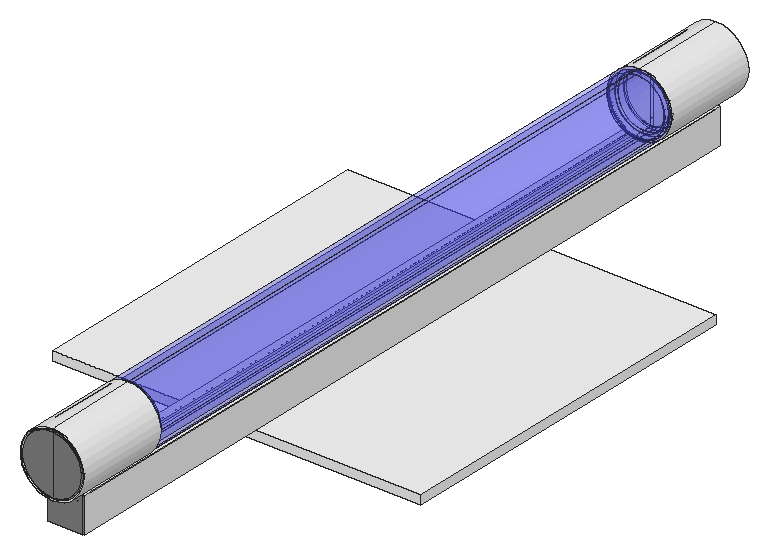
Revit family "BE_23259.1_de_DE", category Leuchten, Revit 2020
Family settings
  Basisbauteil = Fläche
  Bemaßung runder Anschluss = Durchmesser verwenden
  Teiletyp = Normal
  Beim Laden mit Abzugskörper schneiden = Ja
  Lichtquelle = Ja
  Gemeinsam genutzt = Nein
  Raumberechnungspunkt = Ja
Parameters (values of type "BEGA_23259.1_K3")
  built-in parameter 1150104 = 11.613 (stored number, unit not read)
  Wattage = 24 W
  Default Elevation = 0 mm
  built-in parameter 1150113 = 1 (stored number, unit not read)
  built-in parameter 1114218 = 1 (stored number, unit not read)
  Umgebungstemperatur = "25 °C"
  URL = "http://www.bega.de/de/produkt/23259.1"
  Typenkommentare = "© 2022 BEGA. Wir behalten uns das Recht vor, technische Änderungen ohne vorherige Ankündigung vorzunehmen."  # constant formula
  built-in parameter 1150134 = 12
  built-in parameter 1150109 = 1 (stored number, unit not read)
  Strom = ""
  built-in parameter 1150110 = 1 (stored number, unit not read)
  Spannung = 239.996 V
  Sonderanfertigung = no
  Seriennummer [instance] = "Hier können Sie die eindeutige Seriennummer für das Facility Management eintragen."
  Schutzklasse = "I"
  Schutzart = "IP 44"
  Scheinlast = 0 VA
  Produktdatenblatt = "http://www.bega.de/download/Xrfa/db/23259.1.db.de.pdf"
  Oberflächentemperatur = ""
  Neigungswinkel = 0.00°
  Model = "23259.1K4"
  Material_17 = BEGA_Reflektor
  Material_15 = BEGA_Leuchtmedium_matt
  Material_11 = BEGA_Glas_opal
  Material_09 = BEGA_Glas_klar
  Material_06 = BEGA_Oberfläche_Edelstahl_gebürstet
  Material_05 = BEGA_Oberfläche_Aluminium Guss
  Material_04 = BEGA_Kunststoff_Grafit_matt
  Material_03 = BEGA_Oberfläche_Weiss_matt
  Material_02 = BEGA_Oberfläche_Silber_matt
  Material_01 [instance] = BEGA_Oberfläche_Grafit_matt
  M_W = no
  M_G = no
  M_A = no
  Logo = 0
  built-in parameter 1114217 = 1 (stored number, unit not read)
  built-in parameter 1150139 = (empty or 0)
  built-in parameter 1150105 = 238.73 (stored number, unit not read)
  built-in parameter 1150114 = 1 (stored number, unit not read)
  Lumens = 3000 lm
  built-in parameter 1150115 = 1 (stored number, unit not read)
  Leuchtenlichtstrom = "2232 lm"
  Leuchtenanzahl = ""
  Lebensdauerkriterien = "L70B50 @ 25 °C = 308000 h"
  Lastklassifizierung = Beleuchtung
  built-in parameter 1150112 = 1 (stored number, unit not read)
  Lampenlichtstrom = "3210 lm"
  Lamp = "LED 19.5 W"
  LED_Modulbezeichnung = "3x LED-0425/940"
  Hersteller = "BEGA"  # constant formula
  Halbstreuwinkel = ""
  Gewicht = "2.7 kg"
  Gebrauchslageneinschränkung [instance] = ""
  Frequenz = "0/50-60 Hz"
  Farbwiedergabeindex = "CRI > 90"
  Farbtemperaturverschiebung bei Dämpfen der Lampe = <Keine Auswahl>
  Farbtemperatur = "4000 K"
  Color Filter = 16777215
  built-in parameter 1150133 = 10 (stored number, unit not read)
  Energieeffizienzklasse = "LED A++ - A"
  built-in parameter 1150137 = (empty or 0)
  built-in parameter 1150132 = (empty or 0)
  ENEC = ""
  Dimmbar [instance] = ""
  Photometric Web File = "BE_23259.1K4.IES"
  CE_Konformität = "ja"
  Bestellnummer = "23259.1K4"
  Beschreibung_Sonderanfertigung = "Hier können Sie Informationen zur Sonderanfertigung eintragen."
  Beschreibung = "Wandleuchte"
  built-in parameter 1150106 = 2.3873 (stored number, unit not read)
  Befestigungsbohrung = "Ø 6 mm"
  Befestigungsabstand = "450 mm"
  Ballwurfsicher = ""
  BEGA_Intern_aus = yes
  BEGA_Intern_an = yes
  BEGA_Intern_Konstruktion = yes
  BEGA_Intern = yes
  BEGA_IES = yes
  BEGA_Dummy = no
  Anschlussleitung = ""
  Anschlussleistung [instance] = "22.7 W"
  Anschlusskasten = ""
  built-in parameter 1150107 = 4000 (stored number, unit not read)
  built-in parameter 1150102 = (empty or 0)
  built-in parameter 1150138 = (empty or 0)
  Aktualisierung = "2019-07-05T04:00:16"
  Abstand_zur_angestrahlten_Fläche [instance] = ""
  AC/DC = "AC/DC"
Reference planes
  plane 1 "Mitte (Vorne/Hinten)": y = 0
  plane 2: z = 0
  plane 3 "Mitte (Links/Rechts)": x = 0
  plane 4 "Links": x = -35
  plane 5 "Rechts": x = 35
  plane 6 "Unten": y = -450.75
  plane 7 "Oben": y = 450.75
  plane 8 "Vorne": z = 104.517
  plane 9 "Hinten": z = 0
Forms (mm)
  Extrusion 1, solid, material "BEGA_Platte_Weiss"
    sketch origin (0, -1119.2, 0) x (1, 0, 0) y (0, 1, 0)
      loop
        line (-200, 1319.2) -> (-200, 919.2) -> (200, 919.2) -> (200, 1319.2) -> (-200, 1319.2)
    from 0 to -10
  Extrusion 2, solid, material "BEGA_Dummy_matt", visible <- "BEGA_Dummy"
    sketch origin (80.095, -76.023, 0) x (1, 0, 0) y (0, 1, 0)
      loop
        line (-115.095, 526.773) -> (-115.095, -374.727) -> (-45.095, -374.727) -> (-45.095, 526.773) -> (-115.095, 526.773)
    from 0 to 104.517
Dimensions and locks
  plane 1 "Mitte (Vorne/Hinten)" to Extrusion 1 = 200 mm
  aligned and locked: plane 2 to Extrusion 1
  aligned and locked: level to Extrusion 1
Nested families
  nested 1: "BE_23259.1" at (0, 0, 0) x (0, 1, 0) z (0, 0, 1), type "BE_23259.1"
Connectors
  electrical at (0, 0, 0), driven by "Lastklassifizierung", driven by "Spannung", driven by "Scheinlast"
    settings: index 1, voltage 239.996 V, apparent load 0 VA, apparent load phase1 0 VA, apparent load phase2 0 VA, apparent load phase3 0 VA, power factor 1, load classification "Beleuchtung", number of poles 1, system type 31, power factor state 1, is connector primary yes, connector utility no, sub classification motor no, connector description ""
Definition of nested family "BE_23259.1"
  Parameters (values of type "BE_23259.1")
    Default Elevation = 1 mm
    URL = "http://www.bega.de/de/produkt"
    Type Comments = "© 2015 BEGA. Wir behalten uns das Recht vor, technische Änderungen ohne vorherige Ankündigung vorzunehmen. "  # constant formula
    Type Image = (empty or 0)
    Neigungswinkel_um_Z2 = 0.00°
    Neigungswinkel_um_Z1 = 0.00°
    Neigungswinkel_um_Y2 = 0.00°
    Neigungswinkel_um_Y1 = 0.00°
    Neigungswinkel_um_X2 = 0.00°
    Neigungswinkel_um_X1 = 0.00°
    Material_17 = none
    Material_15 = none
    Material_11 = none
    Material_09 = none
    Material_06 = none
    Material_05 = none
    Material_04 = none
    Material_03 = none
    Material_02 = none
    Material_01 = none
    M_W = yes
    M_G = yes
    M_A = yes
    Länge_Platte = 1000 mm  # constant formula
    Höhe_Platte = -10 mm  # constant formula
    Manufacturer = "BEGA"  # constant formula
    Drehwinkel_um_Z2 = 0.00°
    Drehwinkel_um_Z1 = 0.00°
    Breite_Platte = 200 mm  # constant formula
  Reference planes
    plane 1 "Mitte (Oben/Unten)": y = 0
    plane 2: z = 0
    plane 3 "Mitte (Links/Rechts)": x = 0
    plane 4: y = 35
    plane 5: y = -35
    plane 6: z = 104.517
    plane 7: x = -450.75
    plane 8: x = 450.75
    plane 9: z = 104.517
  Forms (mm)
    Extrusion 1, solid, detail levels medium
      sketch origin (0, 0, 0) x (1, 0, 0) y (0, 1, 0)
        loop
          line (-500, 100) -> (-500, -100) -> (500, -100) -> (500, 100) -> (-500, 100)
      from 0 to -10 <- "Höhe_Platte"
    Extrusion 2, solid, material <- "Material_03", detail levels medium+fine
      sketch origin (0, 0, 0) x (0, 1, 0) y (0, 0, 1)
        loop
          line (-20, 37.5) -> (-20, 0) -> (-15.75, 0) -> (-15.75, 6.5) -> (-16.8, 6.5)
          arc (-16.8, 6.5) -> (-17.507, 6.793) -> (-17.8, 7.5) r 1
          line (-17.8, 7.5) -> (-17.8, 32.29)
          arc (-17.8, 32.29) -> (-16.811, 33.7) -> (-15.148, 33.251) r 1.5
          line (-15.148, 33.251) -> (-11.917, 29.4) -> (11.917, 29.4) -> (15.148, 33.251)
          arc (15.148, 33.251) -> (16.811, 33.7) -> (17.8, 32.29) r 1.5
          line (17.8, 32.29) -> (17.8, 7.5)
          arc (17.8, 7.5) -> (17.507, 6.793) -> (16.8, 6.5) r 1
          line (16.8, 6.5) -> (15.75, 6.5) -> (15.75, 0) -> (20, 0) -> (20, 37.5) -> (18, 39.5)
          arc (18, 39.5) -> (15.101, 37.578) -> (12, 36.005) r 30
          line (12, 36.005) -> (12, 33.9)
          arc (12, 33.9) -> (11.561, 32.839) -> (10.5, 32.4) r 1.5
          line (10.5, 32.4) -> (-10.5, 32.4)
          arc (-10.5, 32.4) -> (-11.561, 32.839) -> (-12, 33.9) r 1.5
          line (-12, 33.9) -> (-12, 36.005)
          arc (-12, 36.005) -> (-15.101, 37.578) -> (-18, 39.5) r 30
          line (-18, 39.5) -> (-20, 37.5)
      from -431.412 to 430.25
    Extrusion 3, solid, material <- "Material_03", detail levels medium+fine
      sketch origin (0, 0, 0) x (1, 0, 0) y (0, 0, 1)
        loop
          line (324.75, 4.3) -> (324.75, 1) -> (344.75, 1) -> (344.75, 4.3) -> (324.75, 4.3)
        loop
          line (-125.21, 4.3) -> (-125.21, 1) -> (-105.233, 1) -> (-105.233, 4.3) -> (-125.21, 4.3)
      from -17.577 to 17.577
    Extrusion 4, solid, material <- "Material_04", detail levels medium+fine
      sketch origin (0, 0, 0) x (0, 1, 0) y (0, 0, 1)
        loop
          line (-18.99, 0.01) -> (18.99, 0.01) -> (19, 36.578) -> (17.542, 38.036)
          arc (17.542, 38.036) -> (0, 32.49) -> (-17.542, 38.036) r 30.51
          line (-17.542, 38.036) -> (-18.99, 36.588) -> (-18.99, 0.01)
      from 430.25 to 431.75
    Extrusion 5, solid, material <- "Material_04", detail levels medium+fine
      sketch origin (0, 0, 0) x (0, 1, 0) y (0, 0, -1)
        loop
          line (-18.99, -0.01) -> (-18.99, -36.588) -> (-17.542, -38.036)
          arc (-17.542, -38.036) -> (0, -32.49) -> (17.542, -38.036) r 30.51
          line (17.542, -38.036) -> (19, -36.578) -> (18.99, -0.01) -> (-18.99, -0.01)
      from 431.412 to 433.194
    Extrusion 6, void
      sketch origin (0, 0, 0) x (1, 0, 0) y (0, 1, 0)
        loop
          arc (331.75, 3) -> (328.75, 0) -> (331.75, -3) r 3
          line (331.75, -3) -> (337.75, -3)
          arc (337.75, -3) -> (339.866, -2.127) -> (340.75, -0.016) r 3
          arc (340.75, -0.016) -> (339.866, 2.127) -> (337.75, 3) r 3
          line (337.75, 3) -> (331.75, 3)
        loop
          arc (-112.281, 3) -> (-115.281, 6) -> (-118.281, 3) r 3
          line (-118.281, 3) -> (-118.281, -3)
          arc (-118.281, -3) -> (-117.409, -5.114) -> (-115.265, -6) r 3
          arc (-115.265, -6) -> (-113.154, -5.116) -> (-112.281, -3) r 3
          line (-112.281, -3) -> (-112.281, 3)
      from 0 to 6.5
    Revolve 7, void
      sketch origin (-400.75, 0, 0) x (0, 1, 0) y (0, 0, 1)
        loop
          line (-6, 32.4) -> (-6, 29.4) -> (0, 29.4) -> (0, 32.4) -> (-6, 32.4)
        axis (0, 32.4) -> (0, 29.4)
      angle from 0 to 360
    Revolve 8, solid, material <- "Material_03", detail levels medium+fine
      sketch origin (0, 0, 0) x (1, 0, 0) y (0, 0, 1)
        loop
          line (-450.75, 103.267) -> (-448.18, 103.267) -> (-447.41, 102.822) -> (-435.75, 102.517) -> (-347.75, 102.517) -> (-347.75, 104.517) -> (-450.75, 104.517) -> (-450.75, 103.267)
        loop
          line (450.75, 103.267) -> (450.75, 104.517) -> (347.75, 104.517) -> (347.75, 102.517) -> (435.75, 102.517) -> (447.41, 102.822) -> (448.18, 103.267) -> (450.75, 103.267)
        axis (-450.75, 69.517) -> (450.75, 69.517)
      angle from 0 to 360
    Revolve 9, solid, material <- "Material_04", detail levels medium+fine
      sketch origin (0, 0, 0) x (1, 0, 0) y (0, 0, 1)
        loop
          line (-450.75, 101.517) -> (-450.75, 69.517) -> (-444.75, 69.517) -> (-444.75, 100.067) -> (-435.75, 100.381) -> (-435.75, 103.017) -> (-447.75, 103.017) -> (-447.75, 101.517) -> (-450.75, 101.517)
        loop
          line (450.75, 101.517) -> (447.75, 101.517) -> (447.75, 103.017) -> (435.75, 103.017) -> (435.75, 100.381) -> (444.75, 100.067) -> (444.75, 69.517) -> (450.75, 69.517) -> (450.75, 101.517)
        axis (-450.75, 69.517) -> (450.75, 69.517)
      angle from 0 to 360
    Revolve 10, solid, material <- "Material_11", detail levels medium+fine
      sketch origin (0, 0, 0) x (1, 0, 0) y (0, 0, 1)
        loop
          line (-353.25, 98.517) -> (-349.165, 98.517)
          arc (-349.165, 98.517) -> (-344.872, 97.721) -> (-341.743, 100.767) r 4.75
          line (-341.743, 100.767) -> (342.743, 100.767)
          arc (342.743, 100.767) -> (345.872, 97.721) -> (350.165, 98.517) r 4.75
          line (350.165, 98.517) -> (354.086, 98.517) -> (362.5, 97.781) -> (362.5, 69.517) -> (366.25, 69.517) -> (366.25, 99.388)
          arc (366.25, 99.388) -> (365.726, 100.734) -> (364.434, 101.376) r 2
          line (364.434, 101.376) -> (354.25, 102.267) -> (346.25, 102.36) -> (346.25, 104.517) -> (-346.25, 104.517) -> (-346.25, 102.267) -> (-353.25, 102.267) -> (-353.25, 98.517)
        axis (-353.25, 69.517) -> (366.25, 69.517)
      angle from 0 to 360
    Revolve 11, void
      sketch origin (0, 0, 0) x (1, 0, 0) y (0, 0, 1)
        loop
          line (448.05, 79.117) -> (448.05, 69.517) -> (450.963, 69.517) -> (450.963, 79.295) -> (448.05, 79.117)
        axis (448.05, 69.517) -> (450.963, 69.517)
      angle from 0 to 360
    Revolve 12, solid, material <- "Material_06", detail levels fine
      sketch origin (0, 0, 0) x (1, 0, 0) y (0, 0, 1)
        loop
          line (448.05, 79.017) -> (448.05, 69.517) -> (450.55, 69.517) -> (450.55, 79.017) -> (448.05, 79.017)
        axis (448.05, 69.517) -> (450.55, 69.517)
      angle from 0 to 360
  Cuts and joins
    joined: Extrusion 4, Extrusion 5
    Revolve 7 cuts Extrusion 2
    Extrusion 6 cuts Extrusion 3
    joined: Extrusion 2, Extrusion 3
    Revolve 11 cuts Revolve 9
  Dimensions and locks
    equal spacing: Extrusion 1 sketch curve, plane 3 "Mitte (Links/Rechts)", Extrusion 1 sketch curve
    equal spacing: Extrusion 1 sketch curve, plane 1 "Mitte (Oben/Unten)", Extrusion 1 sketch curve
    "Länge_Platte": Extrusion 1 sketch curve to Extrusion 1 sketch curve
    "Breite_Platte": Extrusion 1 sketch curve to Extrusion 1 sketch curve
    aligned and locked: Extrusion 1 to plane 2
    aligned and locked: level to Extrusion 1
  Automatic sketch dimensions
    Extrusion 2 sketch curve to Extrusion 2 sketch curve = 0 mm  (x2)
    Extrusion 2 sketch curve to level = 0 mm  (x2)
    Extrusion 2 sketch curve to plane 1 "Mitte (Oben/Unten)" = 0 mm
    plane 1 "Mitte (Oben/Unten)" to Extrusion 2 sketch curve = 10.5 mm
    Extrusion 2 sketch curve to Extrusion 2 sketch curve = 1.417 mm  (x2)
    Extrusion 2 sketch curve to Extrusion 2 sketch curve = 1.5 mm  (x3)
    Extrusion 2 sketch curve to Extrusion 2 sketch curve = 3.148 mm  (x2)
    plane 1 "Mitte (Oben/Unten)" to Extrusion 2 sketch curve = 15.75 mm
    Extrusion 2 sketch curve to Extrusion 2 sketch curve = 1.152 mm  (x2)
    Extrusion 2 sketch curve to Extrusion 2 sketch curve = 1.05 mm  (x2)
    Extrusion 2 sketch curve to Extrusion 2 sketch curve = 1 mm
    Extrusion 2 sketch curve to Extrusion 2 sketch curve = 2.852 mm  (x2)
    Extrusion 2 sketch curve to Extrusion 2 sketch curve = 2 mm  (x2)
    Extrusion 2 sketch curve to plane 1 "Mitte (Oben/Unten)" = 10.5 mm
    level to Extrusion 2 sketch curve = 6.5 mm  (x2)
    Extrusion 2 sketch curve to plane 1 "Mitte (Oben/Unten)" = 15.75 mm
    Extrusion 2 sketch curve to Extrusion 2 sketch curve = 4.25 mm
    Extrusion 2 sketch curve to Extrusion 2 sketch curve = 21.9 mm
    Extrusion 2 sketch curve to Extrusion 2 sketch curve = 2.89 mm  (x2)
    Extrusion 2 sketch curve to Extrusion 2 sketch curve = 3 mm
    Extrusion 2 sketch curve to Extrusion 2 sketch curve = 2.105 mm  (x2)
    Extrusion 2 sketch curve to Extrusion 2 sketch curve = 5.21 mm  (x2)
    level to Extrusion 3 sketch curve = 1 mm  (x2)
    Extrusion 3 sketch curve to Extrusion 3 sketch curve = 19.977 mm
    level to Extrusion 3 sketch curve = 4.3 mm
    Extrusion 3 sketch curve to Extrusion 3 sketch curve = 20 mm
    Extrusion 3 sketch curve to Extrusion 3 sketch curve = 3.3 mm
    Extrusion 4 sketch curve to plane 1 "Mitte (Oben/Unten)" = 0 mm
    Extrusion 4 sketch curve to plane 5 = 17.458 mm
    level to Extrusion 4 sketch curve = 0.01 mm
    Extrusion 4 sketch curve to plane 5 = 16.01 mm
    Extrusion 4 sketch curve to plane 4 = 17.458 mm
    Extrusion 4 sketch curve to plane 4 = 16.01 mm
    Extrusion 4 sketch curve to Extrusion 4 sketch curve = 1.458 mm  (x2)
    Extrusion 4 sketch curve to Extrusion 4 sketch curve = 36.567 mm
    Extrusion 4 sketch curve to Extrusion 4 sketch curve = 36.578 mm
    Extrusion 5 sketch curve to plane 1 "Mitte (Oben/Unten)" = 0 mm
    Extrusion 5 sketch curve to plane 5 = 17.458 mm
    level to Extrusion 5 sketch curve = 0.01 mm
    Extrusion 5 sketch curve to plane 5 = 16.01 mm
    Extrusion 5 sketch curve to plane 4 = 17.458 mm
    Extrusion 5 sketch curve to plane 4 = 16.01 mm
    Extrusion 5 sketch curve to Extrusion 5 sketch curve = 1.458 mm
    Extrusion 5 sketch curve to Extrusion 5 sketch curve = 36.567 mm
    Extrusion 5 sketch curve to Extrusion 5 sketch curve = 36.578 mm
    Extrusion 5 sketch curve to Extrusion 5 sketch curve = 1.448 mm
    Extrusion 6 sketch curve to Extrusion 6 sketch curve = 0 mm  (x5)
    plane 1 "Mitte (Oben/Unten)" to Extrusion 6 sketch curve = 0 mm  (x2)
    Extrusion 6 sketch curve to plane 1 "Mitte (Oben/Unten)" = 3 mm
    Extrusion 6 sketch curve to Extrusion 6 sketch curve = 3 mm  (x2)
    plane 1 "Mitte (Oben/Unten)" to Extrusion 6 sketch curve = 3 mm  (x2)
    Extrusion 6 sketch curve to Extrusion 6 sketch curve = 6 mm
    Extrusion 6 sketch curve to Extrusion 6 sketch curve = 0.02 mm
    Extrusion 6 sketch curve to Extrusion 6 sketch curve = 0.035 mm
    Extrusion 6 sketch curve to plane 1 "Mitte (Oben/Unten)" = 0.016 mm
    plane 1 "Mitte (Oben/Unten)" to Extrusion 6 sketch curve = 0.016 mm
    Revolve 7 sketch curve to plane 1 "Mitte (Oben/Unten)" = 0 mm  (x2)
    Revolve 7 sketch curve to Revolve 7 sketch curve = 6 mm
    level to Revolve 7 sketch curve = 29.4 mm
    Revolve 7 sketch curve to Revolve 7 sketch curve = 3 mm
    Revolve 7 sketch curve to Revolve 7 sketch curve = 4.732 mm
    Revolve 7 sketch curve to Revolve 7 sketch curve = 0 mm
    Extrusion 4 sketch curve to Extrusion 4 sketch curve = 24.964 mm
    Extrusion 5 sketch curve to Extrusion 5 sketch curve = 24.964 mm
    Revolve 8 sketch curve to Revolve 8 sketch curve = 2.57 mm
    Revolve 8 sketch curve to Revolve 8 sketch curve = 0.77 mm  (x2)
    Revolve 8 sketch curve to Revolve 8 sketch curve = 11.66 mm
    Revolve 8 sketch curve to Revolve 8 sketch curve = 88 mm
    level to Revolve 8 sketch curve = 102.517 mm  (x2)
    Revolve 8 sketch curve to Revolve 8 sketch curve = 0.305 mm  (x2)
    Revolve 8 sketch curve to Revolve 8 sketch curve = 0.445 mm  (x2)
    Revolve 8 sketch curve to Revolve 8 sketch curve = 2 mm  (x2)
    Revolve 8 sketch curve to Revolve 8 sketch curve = 27.869 mm
    Revolve 8 sketch curve to Revolve 8 sketch curve = 33 mm
    Revolve 9 sketch curve to Revolve 9 sketch curve = 3 mm
    Revolve 9 sketch curve to Revolve 9 sketch curve = 6 mm  (x2)
    Revolve 9 sketch curve to Revolve 9 sketch curve = 9 mm  (x2)
    level to Revolve 9 sketch curve = 69.517 mm  (x2)
    Revolve 9 sketch curve to Revolve 9 sketch curve = 30.55 mm  (x2)
    Revolve 9 sketch curve to Revolve 9 sketch curve = 0.314 mm  (x2)
    Revolve 9 sketch curve to Revolve 9 sketch curve = 1.45 mm  (x2)
    Revolve 9 sketch curve to Revolve 9 sketch curve = 1.5 mm  (x2)
    Revolve 9 sketch curve to Revolve 9 sketch curve = 4 mm
    Revolve 9 sketch curve to Revolve 9 sketch curve = 0 mm
    level to Revolve 12 sketch curve = 69.517 mm
    Revolve 12 sketch curve to Revolve 12 sketch curve = 9.5 mm
    Revolve 12 sketch curve to Revolve 12 sketch curve = 0 mm  (x2)
    Revolve 10 sketch curve to plane 6 = 0 mm
    plane 6 to Revolve 10 sketch curve = 2.25 mm  (x2)
    Revolve 10 sketch curve to Revolve 10 sketch curve = 4.085 mm
    Revolve 10 sketch curve to Revolve 10 sketch curve = 2.915 mm  (x2)
    Revolve 10 sketch curve to Revolve 10 sketch curve = 0 mm
    Revolve 10 sketch curve to Revolve 10 sketch curve = 4.507 mm
    plane 6 to Revolve 10 sketch curve = 3.75 mm
    plane 6 to Revolve 10 sketch curve = 2.157 mm
    Revolve 10 sketch curve to Revolve 10 sketch curve = 3.507 mm
    Revolve 10 sketch curve to Revolve 10 sketch curve = 1 mm
    Revolve 10 sketch curve to Revolve 10 sketch curve = 3.921 mm
    Revolve 10 sketch curve to Revolve 10 sketch curve = 0.164 mm
    Revolve 10 sketch curve to Revolve 10 sketch curve = 8.414 mm
    Revolve 10 sketch curve to Revolve 10 sketch curve = 1.75 mm
    plane 6 to Revolve 10 sketch curve = 3.141 mm
    Revolve 10 sketch curve to Revolve 10 sketch curve = 0.184 mm
    Revolve 10 sketch curve to Revolve 10 sketch curve = 3.75 mm  (x3)
    Revolve 10 sketch curve to Revolve 10 sketch curve = 1.988 mm
    Revolve 10 sketch curve to Revolve 10 sketch curve = 1.604 mm
    Revolve 10 sketch curve to Revolve 10 sketch curve = 28.264 mm
    Revolve 10 sketch curve to plane 3 "Mitte (Links/Rechts)" = 46.5 mm
    plane 3 "Mitte (Links/Rechts)" to Revolve 10 sketch curve = 23.5 mm
    plane 6 to Revolve 10 sketch curve = 35 mm
    Revolve 11 sketch curve to Revolve 11 sketch curve = 2.913 mm
    plane 6 to Revolve 11 sketch curve = 35 mm
    Revolve 11 sketch curve to Revolve 11 sketch curve = 9.6 mm
    Revolve 11 sketch curve to Revolve 11 sketch curve = 0.178 mm
    Revolve 11 sketch curve to Revolve 11 sketch curve = 0 mm  (x2)
    Revolve 11 sketch curve to Revolve 11 sketch curve = 0.462 mm
    plane 7 to Extrusion 3 sketch curve = 345.517 mm
    plane 7 to Extrusion 6 sketch curve = 338.469 mm
    Revolve 8 sketch curve to plane 7 = 0 mm
    Revolve 8 sketch curve to Revolve 8 sketch curve = 43.754 mm
    Revolve 9 sketch curve to plane 7 = 0 mm  (x2)
    plane 7 to Revolve 10 sketch curve = 109.007 mm
    plane 8 to Extrusion 3 sketch curve = 126 mm
    plane 8 to Extrusion 6 sketch curve = 119 mm
    Revolve 8 sketch curve to plane 8 = 0 mm
    plane 8 to Revolve 8 sketch curve = 103 mm
    plane 8 to Revolve 8 sketch curve = 15 mm
    plane 8 to Revolve 8 sketch curve = 3.34 mm
    plane 8 to Revolve 9 sketch curve = 0 mm
    plane 8 to Revolve 9 sketch curve = 3 mm
    plane 8 to Revolve 10 sketch curve = 108.007 mm
    plane 8 to Revolve 11 sketch curve = 2.7 mm
    plane 8 to Revolve 12 sketch curve = 2.7 mm
    plane 8 to Revolve 12 sketch curve = 0.2 mm
    Revolve 12 sketch curve to plane 8 = 0.342 mm
